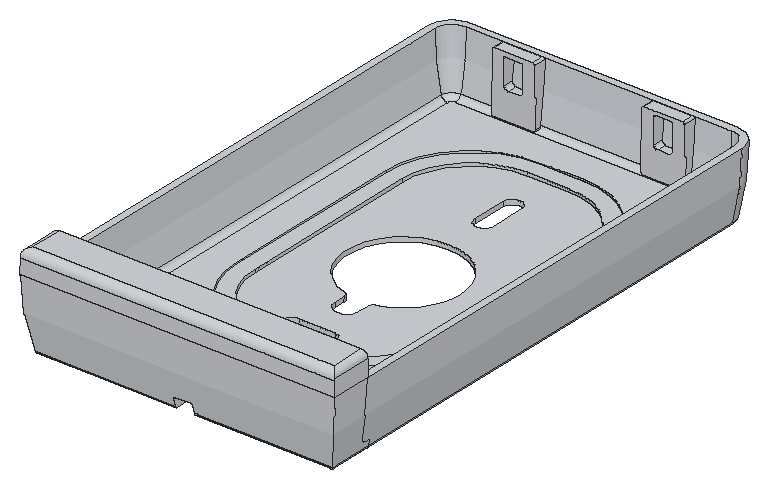
Revit family "Shower-Controller_Mounting_Bracket-KOHLER-DTV-K-99694", category Specialty Equipment, host Face, Revit 2015
Parameters (values of type "CP-Polished Chrome")
  Width = 3 5/16"  # constant formula
  URL = "https://www.us.kohler.com/us/"
  Type = 1
  Product Page URL = "http://www.us.kohler.com/us/catalog/productDetails.jsp?productNumber=99694"
  Product Name = "DTV+"  # constant formula
  Product Documentation Link = "http://www.us.kohler.com/onlinecatalog/pdf/K-99694_spec.pdf"
  Model = if(Type = 1, "K-99694-CP", if(Type = 2, "K-99694-SN", if(Type = 3, "K-99694-BN", if(Type = 4, "K-99694-BL", if(Type = 5, "K-99694-TT", "NA")))))  # "K-99694-CP"
  Material = "Metal Construction"  # constant formula
  MasterFormat 2004 = "10.28.13"  # constant formula
  MasterFormat 1995 = "10820"  # constant formula
  Manufacturer Address = "444 Highland Dr, Kohler, WI 53044"  # constant formula
  Manufacturer = "KOHLER Co."  # constant formula
  Length = 1"  # constant formula
  Height = 5 5/8"  # constant formula
  Finish = Kohler-Metal-CP-Polished_Chrome
  Environmental Product Declaration = ""
  Description = "Interface mounting bracket"  # constant formula
  Default Elevation = 58"
  Declare Label = ""
  Date Modified = "11/14/2018"  # constant formula
  Date Created = "11/14/2018"  # constant formula
  Copyright = "Copyright KOHLER Co."  # constant formula
  Contact Us = "https://www.us.kohler.com/us/static/contact.jsp"
  Assembly Code = "C1030200"
  ADA Compliant = 1 = 0  # no
Types (6): name | Type | Model | Finish
  (no name) | 1 | "K-99694-CP" | Kohler-Metal-CP-Polished_Chrome
  CP-Polished Chrome | 1 | "K-99694-CP" | Kohler-Metal-CP-Polished_Chrome
  SN-Vibrant Polished Nickel | 2 | "K-99694-SN" | Kohler-Metal-SN-Vibrant_Polished_Nickel
  BN-Vibrant Brushed Nickel | 3 | "K-99694-BN" | Kohler-Metal-BN-Vibrant_Brushed_Nickel
  BL-Matte Black | 4 | "K-99694-BL" | Kohler-Metal-BL-Matte_Black
  TT-Titanium | 5 | "K-99694-TT" | Kohler-Metal-TT-Vibrant_Titanium
Reference planes (in)
  plane 1 "Center (Front/Back)": y = 0
  plane 2: z = 0
  plane 3 "Center (Left/Right)": x = 0
  plane 4: y = 2.8125
  plane 5: y = -2.8125
  plane 6: x = 1.65625
  plane 7: x = -1.65625
  plane 8: z = 1
Dimensions and locks (in)
  "Width": plane 6 to plane 7
  "Length": plane 8 to level
  "Height": plane 4 to plane 5
  aligned and locked: host face to plane 2
  aligned and locked: host face to level
Automatic sketch dimensions
  host sketch curve to host sketch curve = 96"  (x2)
Nested families (in)
  nested 1: "K-99694" at (0, 0, 0), type "K-99694"
Definition of nested family "K-99694"
  Parameters (values of type "K-99694")
    Material = none
  Reference planes (in)
    plane 1 "Center (Front/Back)": y = 0
    plane 2: z = 0
    plane 3 "Center (Left/Right)": x = 0
    plane 4: y = 2.8125
    plane 5: y = -2.8125
    plane 6: x = -1.65625
    plane 7: x = 1.65625
    plane 8: z = 1
    plane 9: z = 0.75
  Forms (in)
    Sweep 1, solid, material <- "Material", detail levels medium+fine
      path origin (0, 0.00003, 0) x (1, 0, 0) y (0, 1, 0)
        loop
          line (1.41857, -2.46231) -> (1.41857, 2.55482)
          arc (1.41857, 2.55482) -> (1.41272, 2.56894) -> (1.3986, 2.57479) r 0.01997
          line (1.3986, 2.57479) -> (-1.39813, 2.57479)
          arc (-1.39813, 2.57479) -> (-1.41258, 2.56881) -> (-1.41857, 2.55435) r 0.02045
          line (-1.41857, 2.55435) -> (-1.41857, -2.46552)
      profile origin (-1.41857, 0.04444, 0) x (1, 0, 0) y (0, 0, 1)
        loop
          line (-0.16317, 0.75) -> (-0.23768, 0.75)
          arc (-0.23768, 0.75) -> (-0.21487, 0.38245) -> (-0.14679, 0.02054) r 2.97261
          arc (-0.14679, 0.02054) -> (-0.13712, 0.00574) -> (-0.1204, 0) r 0.02722
          line (-0.1204, 0) -> (0, 0) -> (0, 0.09405) -> (-0.03101, 0.09405)
          arc (-0.03101, 0.09405) -> (-0.07326, 0.1089) -> (-0.09693, 0.14692) r 0.06753
          arc (-0.09693, 0.14692) -> (-0.14656, 0.44664) -> (-0.16317, 0.75) r 2.77831
    Extrusion 2, solid, material <- "Material", detail levels medium+fine
      sketch origin (0, 0, 0) x (0, 1, 0) y (0, 0, 1)
        loop
          line (-2.37743, 1) -> (-2.72913, 1)
          arc (-2.72913, 1) -> (-2.78808, 0.97558) -> (-2.8125, 0.91663) r 0.08337
          line (-2.8125, 0.91663) -> (-2.8125, 0.74996)
          arc (-2.8125, 0.74996) -> (-2.78915, 0.38107) -> (-2.71949, 0.01808) r 2.92601
          arc (-2.71949, 0.01808) -> (-2.71091, 0.00505) -> (-2.69615, 0) r 0.02411
          line (-2.69615, 0) -> (-2.26474, 0) -> (-2.26474, 0.09405) -> (-2.31103, 0.09405)
          arc (-2.31103, 0.09405) -> (-2.35798, 0.1135) -> (-2.37743, 0.16045) r 0.06641
          line (-2.37743, 0.16045) -> (-2.37743, 1)
      from -1.65625 to 1.65625
    Extrusion 3, void
      sketch origin (0, 0, 0) x (1, 0, 0) y (0, 0, 1)
        loop
          arc (-1.56536, 0.02054) -> (-1.63344, 0.38245) -> (-1.65625, 0.75) r 2.97261
          line (-1.65625, 0.75) -> (-1.65625, 0.93408)
          arc (-1.65625, 0.93408) -> (-1.63694, 0.98069) -> (-1.59033, 1) r 0.06592
          line (-1.59033, 1) -> (-1.45506, 1) -> (-1.45506, 1.14103) -> (-1.72055, 1.14103) -> (-1.72055, -0.08649) -> (-1.53897, -0.08649) -> (-1.53897, 0)
          arc (-1.53897, 0) -> (-1.55569, 0.00574) -> (-1.56536, 0.02054) r 0.02722
        loop
          arc (1.56536, 0.02054) -> (1.55569, 0.00574) -> (1.53897, 0) r 0.02722
          line (1.53897, 0) -> (1.53897, -0.08649) -> (1.72055, -0.08649) -> (1.72055, 1.14103) -> (1.45506, 1.14103) -> (1.45506, 1) -> (1.59033, 1)
          arc (1.59033, 1) -> (1.63694, 0.98069) -> (1.65625, 0.93408) r 0.06592
          line (1.65625, 0.93408) -> (1.65625, 0.75)
          arc (1.65625, 0.75) -> (1.63344, 0.38245) -> (1.56536, 0.02054) r 2.97261
      from -4.6556 to 3.46066
    Extrusion 4, solid, material <- "Material", detail levels medium+fine
      sketch origin (0, 0.12399, 0) x (-1, 0, 0) y (0, 0, 1)
        loop
          arc (-0.58701, 0.17883) -> (-0.60256, 0.17237) -> (-0.60899, 0.15682) r 0.02201
          line (-0.60899, 0.15682) -> (-0.60899, 0.12582)
          arc (-0.60899, 0.12582) -> (-0.61211, 0.10881) -> (-0.62104, 0.094) r 0.04806
          line (-0.62104, 0.094) -> (-0.62104, 0.05125) -> (-0.44981, 0.05125) -> (-0.44981, 0.09538)
          arc (-0.44981, 0.09538) -> (-0.44407, 0.10925) -> (-0.43019, 0.115) r 0.01962
          line (-0.43019, 0.115) -> (-0.07273, 0.115)
          arc (-0.07273, 0.115) -> (-0.06074, 0.12626) -> (-0.04553, 0.13035) r 0.03307
          line (-0.04553, 0.13035) -> (0.04481, 0.13035)
          arc (0.04481, 0.13035) -> (0.06074, 0.12626) -> (0.07273, 0.115) r 0.03307
          line (0.07273, 0.115) -> (0.43019, 0.115)
          arc (0.43019, 0.115) -> (0.44407, 0.10925) -> (0.44981, 0.09538) r 0.01962
          line (0.44981, 0.09538) -> (0.44981, 0.05125) -> (0.62104, 0.05125) -> (0.62104, 0.094)
          arc (0.62104, 0.094) -> (0.61211, 0.10881) -> (0.60899, 0.12582) r 0.04806
          line (0.60899, 0.12582) -> (0.60899, 0.15682)
          arc (0.60899, 0.15682) -> (0.60255, 0.17238) -> (0.58698, 0.17883) r 0.02201
          line (0.58698, 0.17883) -> (-0.58701, 0.17883)
      from -2.50143 to -2.21668
    Extrusion 5, solid, material <- "Material", detail levels medium+fine
      sketch origin (0, 0, 0) x (1, 0, 0) y (0, 1, 0)
        loop
          line (-1.41857, -2.26474) -> (1.41857, -2.26474) -> (1.41857, 2.55485)
          arc (1.41857, 2.55485) -> (1.41272, 2.56897) -> (1.3986, 2.57482) r 0.01997
          line (1.3986, 2.57482) -> (-1.39813, 2.57482)
          arc (-1.39813, 2.57482) -> (-1.41258, 2.56883) -> (-1.41857, 2.55438) r 0.02045
          line (-1.41857, 2.55438) -> (-1.41857, -2.26474)
      from 0 to 0.09405
    Extrusion 6, void
      sketch origin (0, 0, 0) x (1, 0, 0) y (0, 1, 0)
        loop
          arc (-0.22661, 2.25266) -> (-0.86594, 1.98761) -> (-1.13059, 1.34811) r 0.90427
          line (-1.13059, 1.34811) -> (-1.12999, -0.60563)
          arc (-1.12999, -0.60563) -> (-0.8655, -1.2436) -> (-0.22736, -1.50769) r 0.90234
          line (-0.22736, -1.50769) -> (0.2283, -1.50755)
          arc (0.2283, -1.50755) -> (0.86627, -1.24306) -> (1.13036, -0.60493) r 0.90234
          line (1.13036, -0.60493) -> (1.12976, 1.35074)
          arc (1.12976, 1.35074) -> (0.86527, 1.98871) -> (0.22713, 2.2528) r 0.90234
          line (0.22713, 2.2528) -> (-0.22661, 2.25266)
      from 0.07879 to 1.3739
    Extrusion 7, void
      sketch origin (0, 0, 0) x (1, 0, 0) y (0, 1, 0)
        loop
          line (0.21989, 2.07754) -> (-0.22199, 2.0774)
          arc (-0.22199, 2.0774) -> (-0.74063, 1.86238) -> (-0.95533, 1.3436) r 0.73357
          line (-0.95533, 1.3436) -> (-0.95473, -0.59828)
          arc (-0.95473, -0.59828) -> (-0.73947, -1.1175) -> (-0.22013, -1.33243) r 0.73438
          line (-0.22013, -1.33243) -> (0.22095, -1.33229)
          arc (0.22095, -1.33229) -> (0.74017, -1.11704) -> (0.9551, -0.59769) r 0.73438
          line (0.9551, -0.59769) -> (0.9545, 1.34339)
          arc (0.9545, 1.34339) -> (0.73924, 1.8626) -> (0.21989, 2.07754) r 0.73438
      from 0.04713 to 1.75917
    Extrusion 8, void
      sketch origin (0, 0, 0) x (1, 0, 0) y (0, 1, 0)
        loop
          arc (-0.12482, -0.57869) -> (0.00022, -0.70367) -> (0.12519, -0.57862) r 0.125
          line (0.12519, -0.57862) -> (0.12514, -0.45971)
          arc (0.12514, -0.45971) -> (0.13623, -0.42653) -> (0.16507, -0.40672) r 0.05509
          arc (0.16507, -0.40672) -> (-0.00067, 0.76847) -> (-0.16305, -0.40719) r 0.59916
          arc (-0.16305, -0.40719) -> (-0.13548, -0.42603) -> (-0.12485, -0.45769) r 0.0525
          line (-0.12485, -0.45769) -> (-0.12482, -0.57869)
        loop
          line (-0.1883, -1.1775) -> (0.19319, -1.17739)
          arc (0.19319, -1.17739) -> (0.2883, -1.07506) -> (0.1883, -0.9775) r 0.1
          line (0.1883, -0.9775) -> (-0.18836, -0.9775)
          arc (-0.18836, -0.9775) -> (-0.28833, -1.07753) -> (-0.1883, -1.1775) r 0.1
        loop
          arc (-0.66533, -2.17524) -> (-0.65257, -2.206) -> (-0.6218, -2.21873) r 0.04351
          line (-0.6218, -2.21873) -> (0.62144, -2.21835)
          arc (0.62144, -2.21835) -> (0.65343, -2.20509) -> (0.66667, -2.17309) r 0.04525
          line (0.66667, -2.17309) -> (0.66652, -1.67646)
          arc (0.66652, -1.67646) -> (0.64477, -1.62398) -> (0.59228, -1.60226) r 0.07422
          line (0.59228, -1.60226) -> (-0.59007, -1.60263)
          arc (-0.59007, -1.60263) -> (-0.6434, -1.62474) -> (-0.66548, -1.67808) r 0.07543
          line (-0.66548, -1.67808) -> (-0.66533, -2.17524)
        loop
          arc (-0.10038, 1.2354) -> (-0.00035, 1.13543) -> (0.09962, 1.23546) r 0.1
          line (0.09962, 1.23546) -> (0.0995, 1.60999)
          arc (0.0995, 1.60999) -> (-0.00053, 1.70996) -> (-0.1005, 1.60993) r 0.1
          line (-0.1005, 1.60993) -> (-0.10038, 1.2354)
      from -0.48485 to 2.35036
    Extrusion 9, solid, material <- "Material", detail levels medium+fine
      sketch origin (0, 0, 0) x (1, 0, 0) y (0, 0, 1)
        loop
          line (0.99258, 0.75) -> (0.58728, 0.75)
          arc (0.58728, 0.75) -> (0.57329, 0.74428) -> (0.56732, 0.73038) r 0.01996
          line (0.56732, 0.73038) -> (0.55677, 0.12569)
          arc (0.55677, 0.12569) -> (0.56247, 0.11139) -> (0.57667, 0.10543) r 0.01991
          line (0.57667, 0.10543) -> (1.00411, 0.10543)
          arc (1.00411, 0.10543) -> (1.01851, 0.11147) -> (1.0243, 0.12597) r 0.02019
          line (1.0243, 0.12597) -> (1.01377, 0.72918)
          arc (1.01377, 0.72918) -> (1.00743, 0.74392) -> (0.99258, 0.75) r 0.02119
        loop
          line (0.87045, 0.712) -> (0.71019, 0.712)
          arc (0.71019, 0.712) -> (0.69604, 0.70614) -> (0.69018, 0.69198) r 0.02002
          line (0.69018, 0.69198) -> (0.69018, 0.42708)
          arc (0.69018, 0.42708) -> (0.70162, 0.39945) -> (0.72925, 0.388) r 0.03908
          line (0.72925, 0.388) -> (0.85179, 0.388)
          arc (0.85179, 0.388) -> (0.87892, 0.39924) -> (0.89016, 0.42637) r 0.03837
          line (0.89016, 0.42637) -> (0.89016, 0.69229)
          arc (0.89016, 0.69229) -> (0.88439, 0.70623) -> (0.87045, 0.712) r 0.01971
        loop
          arc (-0.99258, 0.75) -> (-1.00743, 0.74392) -> (-1.01377, 0.72918) r 0.02119
          line (-1.01377, 0.72918) -> (-1.0243, 0.12597)
          arc (-1.0243, 0.12597) -> (-1.01851, 0.11147) -> (-1.00411, 0.10543) r 0.02019
          line (-1.00411, 0.10543) -> (-0.57667, 0.10543)
          arc (-0.57667, 0.10543) -> (-0.56247, 0.11139) -> (-0.55677, 0.12569) r 0.01991
          line (-0.55677, 0.12569) -> (-0.56732, 0.73038)
          arc (-0.56732, 0.73038) -> (-0.57329, 0.74428) -> (-0.58728, 0.75) r 0.01996
          line (-0.58728, 0.75) -> (-0.99258, 0.75)
        loop
          arc (-0.87045, 0.712) -> (-0.88439, 0.70623) -> (-0.89016, 0.69229) r 0.01971
          line (-0.89016, 0.69229) -> (-0.89016, 0.42637)
          arc (-0.89016, 0.42637) -> (-0.87892, 0.39924) -> (-0.85179, 0.388) r 0.03837
          line (-0.85179, 0.388) -> (-0.72925, 0.388)
          arc (-0.72925, 0.388) -> (-0.70162, 0.39945) -> (-0.69018, 0.42708) r 0.03908
          line (-0.69018, 0.42708) -> (-0.69018, 0.69198)
          arc (-0.69018, 0.69198) -> (-0.69604, 0.70614) -> (-0.71019, 0.712) r 0.02002
          line (-0.71019, 0.712) -> (-0.87045, 0.712)
      from -2.73799 to -2.60734
    Extrusion 10, void
      sketch origin (0, 0, 0) x (0, 1, 0) y (0, 0, 1)
        loop
          line (2.61355, -0.0227) -> (3.0365, -0.0227) -> (3.0365, 0.55407) -> (2.72606, 0.55407)
          arc (2.72606, 0.55407) -> (2.6871, 0.26231) -> (2.61355, -0.0227) r 2.45855
      from -2.55194 to 2.44174
    Extrusion 11, void
      sketch origin (0, 0, 0) x (1, 0, 0) y (0, 0, 1)
        loop
          line (0.08755, 0.12158) -> (-0.07153, 0.12158)
          arc (-0.07153, 0.12158) -> (-0.08576, 0.11576) -> (-0.09182, 0.10164) r 0.02029
          line (-0.09182, 0.10164) -> (-0.09435, -0.04334) -> (0.11037, -0.04334) -> (0.10784, 0.10164)
          arc (0.10784, 0.10164) -> (0.10177, 0.11576) -> (0.08755, 0.12158) r 0.02029
      from 1.86792 to 2.99352
    Extrusion 12, solid, material <- "Material", detail levels coarse
      sketch origin (0, 0, 0) x (1, 0, 0) y (0, 1, 0)
        loop
          line (-1.65625, 2.8125) -> (-1.65625, -2.81143) -> (1.65707, -2.81143) -> (1.65707, 2.8125) -> (-1.65625, 2.8125)
      from 0 to 1
    Extrusion 13, void
      sketch origin (0, 0, 0) x (1, 0, 0) y (0, 1, 0)
        loop
          line (-1.58174, 2.73799) -> (-1.58174, -2.37743) -> (1.58175, -2.37743) -> (1.58175, 2.73799) -> (-1.58174, 2.73799)
      from 0.17883 to 1.64574
  Cuts and joins
    Extrusion 3, Extrusion 11 cuts Extrusion 2
    Extrusion 6, Extrusion 7, Extrusion 8 cuts Extrusion 5
    joined: Sweep 1, Extrusion 2, Extrusion 5
    Extrusion 10 cuts Extrusion 4
    Extrusion 10 cuts Extrusion 9
    joined: Extrusion 4, Extrusion 9
    Extrusion 13 cuts Extrusion 12
  Lines and regions (in)
    Masking region 1
      outline origin (0, 0, 0) x (1, 0, 0) y (0, 1, 0)
        loop
          arc (-1.39813, 2.8125) -> (-1.58065, 2.7369) -> (-1.65625, 2.55438) r 0.25812
          line (-1.65625, 2.55438) -> (-1.65625, -2.8125) -> (1.65625, -2.8125) -> (1.65625, 2.55579)
          arc (1.65625, 2.55579) -> (1.58045, 2.73737) -> (1.3986, 2.8125) r 0.25765
          line (1.3986, 2.8125) -> (-1.39813, 2.8125)
    Masking region 2
      outline origin (0, 0, 0) x (1, 0, 0) y (0, 0, 1)
        loop
          line (1.59033, 1) -> (-1.59033, 1)
          arc (-1.59033, 1) -> (-1.63694, 0.98069) -> (-1.65625, 0.93408) r 0.06592
          line (-1.65625, 0.93408) -> (-1.65625, 0.75)
          arc (-1.65625, 0.75) -> (-1.63344, 0.38245) -> (-1.56536, 0.02054) r 2.97261
          arc (-1.56536, 0.02054) -> (-1.55569, 0.00574) -> (-1.53897, 0) r 0.02722
          line (-1.53897, 0) -> (1.53897, 0)
          arc (1.53897, 0) -> (1.55569, 0.00574) -> (1.56536, 0.02054) r 0.02722
          arc (1.56536, 0.02054) -> (1.63344, 0.38245) -> (1.65625, 0.75) r 2.97261
          line (1.65625, 0.75) -> (1.65625, 0.93408)
          arc (1.65625, 0.93408) -> (1.63694, 0.98069) -> (1.59033, 1) r 0.06592
    Masking region 3
      outline origin (0, 0, 0) x (0, 1, 0) y (0, 0, 1)
        loop
          arc (-2.72913, 1) -> (-2.78808, 0.97558) -> (-2.8125, 0.91663) r 0.08337
          line (-2.8125, 0.91663) -> (-2.8125, 0.74996)
          arc (-2.8125, 0.74996) -> (-2.78915, 0.38107) -> (-2.71949, 0.01808) r 2.92601
          spline (-2.71949, 0.01808) -> (-2.71869, 0.01556) -> (-2.71762, 0.01314) -> (-2.71628, 0.01085) -> (-2.71471, 0.00872) -> (-2.71291, 0.00678) -> (-2.71091, 0.00505) -> (-2.70873, 0.00354) -> (-2.7064, 0.00229) -> (-2.70395, 0.0013) -> (-2.7014, 0.00058) -> (-2.69879, 0.00015) -> (-2.69614, 0)
          line (-2.69614, 0) -> (2.69761, 0)
          spline (2.69761, 0) -> (2.70025, 0.00015) -> (2.70286, 0.00058) -> (2.70541, 0.0013) -> (2.70787, 0.00229) -> (2.7102, 0.00354) -> (2.71237, 0.00505) -> (2.71437, 0.00678) -> (2.71617, 0.00872) -> (2.71775, 0.01085) -> (2.71908, 0.01314) -> (2.72015, 0.01556) -> (2.72096, 0.01808)
          arc (2.72096, 0.01808) -> (2.79025, 0.3811) -> (2.8125, 0.75) r 2.88064
          line (2.8125, 0.75) -> (-2.37743, 0.75) -> (-2.37743, 1) -> (-2.72913, 1)
    symbolic lines, detail levels medium+fine
      curve 1: line (-1.39813, 2.73799, 0) -> (1.3986, 2.73799, 0)
      curve 2: arc (-1.58174, 2.55438, 0) -> (-1.52796, 2.68421, 0) -> (-1.39813, 2.73799, 0) r 0.18362
      curve 3: line (-1.58174, -2.37743, 0) -> (-1.58174, 2.55438, 0)
      curve 4: arc (1.3986, 2.73799, 0) -> (1.5281, 2.68435, 0) -> (1.58175, 2.55485, 0) r 0.18315
      curve 5: line (1.58175, 2.55485, 0) -> (1.58175, -2.37743, 0)
      curve 6: arc (1.12976, 1.35074, 0) -> (0.86527, 1.98871, 0) -> (0.22713, 2.2528, 0) r 0.90234
      curve 7: line (0.22713, 2.2528, 0) -> (-0.22661, 2.25266, 0)
      curve 8: arc (-0.22661, 2.25266, 0) -> (-0.86594, 1.98761, 0) -> (-1.13059, 1.34811, 0) r 0.90427
      curve 9: line (-1.13059, 1.34811, 0) -> (-1.12999, -0.60563, 0)
      curve 10: arc (-1.12999, -0.60563, 0) -> (-0.8655, -1.2436, 0) -> (-0.22736, -1.50769, 0) r 0.90234
      curve 11: arc (-0.95473, -0.59828, 0) -> (-0.73947, -1.1175, 0) -> (-0.22013, -1.33243, 0) r 0.73438
      curve 12: line (-0.95533, 1.3436, 0) -> (-0.95473, -0.59828, 0)
      curve 13: arc (-0.22199, 2.0774, 0) -> (-0.74063, 1.86238, 0) -> (-0.95533, 1.3436, 0) r 0.73357
      curve 14: line (0.21989, 2.07754, 0) -> (-0.22199, 2.0774, 0)
      curve 15: arc (0.9545, 1.34339, 0) -> (0.73924, 1.8626, 0) -> (0.21989, 2.07754, 0) r 0.73438
      curve 16: line (0.9551, -0.59769, 0) -> (0.9545, 1.34339, 0)
      curve 17: line (1.13036, -0.60493, 0) -> (1.12976, 1.35074, 0)
      curve 18: arc (0.2283, -1.50755, 0) -> (0.86627, -1.24306, 0) -> (1.13036, -0.60493, 0) r 0.90234
      curve 19: arc (0.22095, -1.33229, 0) -> (0.74017, -1.11704, 0) -> (0.9551, -0.59769, 0) r 0.73438
      curve 20: line (-0.22013, -1.33243, 0) -> (0.22095, -1.33229, 0)
      curve 21: line (-0.22736, -1.50769, 0) -> (0.2283, -1.50755, 0)
      curve 22: arc (0.16507, -0.40672, 0) -> (-0.00067, 0.76847, 0) -> (-0.16305, -0.40719, 0) r 0.59916
      curve 23: arc (-0.16305, -0.40719, 0) -> (-0.13548, -0.42603, 0) -> (-0.12485, -0.45769, 0) r 0.0525
      curve 24: line (-0.12485, -0.45769, 0) -> (-0.12482, -0.57869, 0)
      curve 25: arc (-0.12482, -0.57869, 0) -> (0.00022, -0.70367, 0) -> (0.12519, -0.57862, 0) r 0.125
      curve 26: line (0.12519, -0.57862, 0) -> (0.12514, -0.45971, 0)
      curve 27: arc (0.12514, -0.45971, 0) -> (0.13623, -0.42653, 0) -> (0.16507, -0.40672, 0) r 0.05509
      curve 28: line (-0.1005, 1.60993, 0) -> (-0.10038, 1.2354, 0)
      curve 29: arc (0.0995, 1.60999, 0) -> (-0.00053, 1.70996, 0) -> (-0.1005, 1.60993, 0) r 0.1
      curve 30: line (0.09962, 1.23546, 0) -> (0.0995, 1.60999, 0)
      curve 31: arc (-0.10038, 1.2354, 0) -> (-0.00035, 1.13543, 0) -> (0.09962, 1.23546, 0) r 0.1
      curve 32: line (0.1883, -0.97739, 0) -> (-0.18836, -0.9775, 0)
      curve 33: arc (-0.18836, -0.9775, 0) -> (-0.28833, -1.07753, 0) -> (-0.1883, -1.1775, 0) r 0.1
      curve 34: line (-0.1883, -1.1775, 0) -> (0.19319, -1.17739, 0)
      curve 35: arc (0.19319, -1.17739, 0) -> (0.2883, -1.07506, 0) -> (0.1883, -0.9775, 0) r 0.1
      curve 36: line (0.59228, -1.60226, 0) -> (-0.59007, -1.60263, 0)
      curve 37: arc (-0.59007, -1.60263, 0) -> (-0.6434, -1.62474, 0) -> (-0.66548, -1.67808, 0) r 0.07543
      curve 38: line (-0.66548, -1.67808, 0) -> (-0.66533, -2.17524, 0)
      curve 39: arc (0.66652, -1.67646, 0) -> (0.64477, -1.62398, 0) -> (0.59228, -1.60226, 0) r 0.07422
      curve 40: line (0.66667, -2.17309, 0) -> (0.66652, -1.67646, 0)
      curve 41: arc (0.62144, -2.21835, 0) -> (0.65343, -2.20509, 0) -> (0.66667, -2.17309, 0) r 0.04525
      curve 42: arc (-0.66533, -2.17524, 0) -> (-0.6523, -2.20627, 0) -> (-0.62104, -2.21873, 0) r 0.04351
      curve 43: line (-0.62104, -2.21873, 0) -> (-0.62104, -2.37743, 0)
      curve 44: line (-0.62104, -2.21873, 0) -> (0.62144, -2.21835, 0)
      curve 45: line (0.62104, -2.37743, 0) -> (0.62104, -2.21835, 0)
      curve 46: line (1.65625, -2.37743, 0) -> (-1.65625, -2.37743, 0)
      curve 47: line (-1.02722, 2.60734, 0) -> (-0.55385, 2.60734, 0)
      curve 48: line (-1.02722, 2.60734, 0) -> (-1.02722, 2.73799, 0)
      curve 49: line (-0.55385, 2.60734, 0) -> (-0.55385, 2.73799, 0)
      curve 50: line (1.02722, 2.60734, 0) -> (0.55385, 2.60734, 0)
      curve 51: line (1.02722, 2.60734, 0) -> (1.02722, 2.73799, 0)
      curve 52: line (0.55385, 2.60734, 0) -> (0.55385, 2.73799, 0)
      curve 53: line (1.65625, 0, 0.74996) -> (-1.65625, 0, 0.74996)
  Dimensions and locks (in)
    aligned and locked: plane 2 to level
